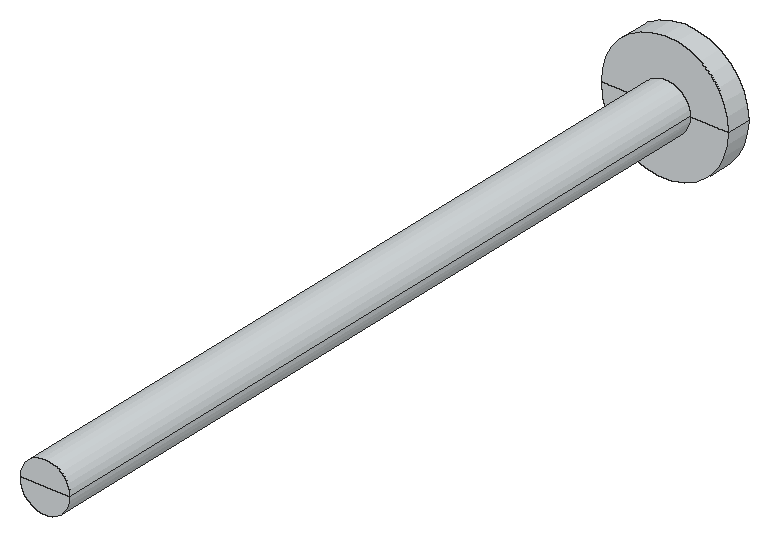
Revit family "Reece_Accessory_Sussex_Scala_Towel Bar", category Plumbing Fixtures, Revit 2018
Family settings
  Round Connector Dimension = Use Diameter
  Part Type = Normal
  Work Plane-Based = Yes
  Always vertical = Yes
  Cut with Voids When Loaded = Yes
  Shared = Yes
  Room Calculation Point = Yes
Parameters (values of type "Brushed Nickel")
  URL = "https://www.reece.com.au/product/-2263260"
  Type Comments = "Accessory"
  Reece_Product_Web Page = "https://www.reece.com.au/product/-2263260"
  Reece_Product_Type = "Accessory"  # constant formula
  Reece_Product_Sub Brand = "Scala"  # constant formula
  Reece_Product_Number = "2263260"
  Reece_Product_Mount = "Wall Mounted"
  Reece_Product_Description = "Sussex Scala Towel Bar 400mm Brushed Nickel"
  Reece_Product_Brand = "Sussex"  # constant formula
  Reece_Overall_Width = 64 mm  # constant formula
  Reece_Overall_Projection = 400 mm  # constant formula
  Reece_Material_Main = Reece_Brass_Brushed Nickel
  Reece_Height_From_Level [instance] = 800 mm
  Reece_Detail_Disclaimer = "THIS FILE IS THE PROPERTY OF THE REECE GROUP. IT MAY NOT BE REPRODUCED, REVERSE-ENGINEERED OR MODIFIED. ANY REPUBLICATION, TRANSMISSION OR DISTRIBUTION FOR THE PURPOSE OF COMMERCIALLY EXPLOITING THE FILES IS PROHIBITED."  # constant formula
  Reece_Detail_Additional = "Towel Bar"  # constant formula
  Model = "Scala"
  Manufacturer = "Sussex"
  Keynote = "Product #2263260, Reece_Accessory_Sussex_Scala_Towel Bar - Brushed Nickel"
  Disclaimer = "THIS FILE IS THE PROPERTY OF THE REECE GROUP. IT MAY NOT BE REPRODUCED, REVERSE-ENGINEERED OR MODIFIED. ANY REPUBLICATION, TRANSMISSION OR DISTRIBUTION FOR THE PURPOSE OF COMMERCIALLY EXPLOITING THE FILES IS PROHIBITED."  # constant formula
  Description = "Scala Towel Bar 400mm Brushed Nickel"
  Default Elevation = 0 mm
Types (5, lengths in mm): name | URL | Reece_Product_Web Page | Reece_Product_Number | Reece_Product_Description | Reece_Material_Main | Keynote | Description
  Brushed Nickel | "https://www.reece.com.au/product/-2263260" | "https://www.reece.com.au/product/-2263260" | "2263260" | "Sussex Scala Towel Bar 400mm Brushed Nickel" | Reece_Brass_Brushed Nickel | "Product #2263260, Reece_Accessory_Sussex_Scala_Towel Bar - Brushed Nickel" | "Scala Towel Bar 400mm Brushed Nickel"
  Brushed Brass Gold | "https://www.reece.com.au/product/-2264202" | "https://www.reece.com.au/product/-2264202" | "2264202" | "Sussex Scala Towel Bar 400mm Brushed Brass Gold" | Reece_Brass_Brushed Gold | "Product #2264202, Reece_Accessory_Sussex_Scala_Towel Bar - Brushed Brass Gold" | "Scala Towel Bar 400mm Brushed Brass Gold"
  Chrome | "https://www.reece.com.au/product/-2261488" | "https://www.reece.com.au/product/-2261488" | "2261488" | "Sussex Scala Towel Bar 400mm Chrome" | Reece_Brass_Chrome | "Product #2261488, Reece_Accessory_Sussex_Scala_Towel Bar - Chrome" | "Scala Towel Bar 400mm Chrome"
  PVD Brushed Platinum Gold | "https://www.reece.com.au/product/-2268342" | "https://www.reece.com.au/product/-2268342" | "2268342" | "Sussex Scala Towel Bar 400mm LUX PVD Brushed Platinum Gold" | Reece_PVD_Brushed_Platinum Gold | "Product #2268342, Reece_Accessory_Sussex_Scala_Towel Bar - PVD Brushed Platinum Gold" | "Scala Towel Bar 400mm LUX PVD Brushed Platinum Gold"
  Satin Chrome | "https://www.reece.com.au/product/-2261484" | "https://www.reece.com.au/product/-2261484" | "2261484" | "Sussex Scala Towel Bar 400mm Satin Chrome" | Reece_Brass_Satin Chrome | "Product #2261484, Reece_Accessory_Sussex_Scala_Towel Bar - Satin Chrome" | "Scala Towel Bar 400mm Satin Chrome"
Reference planes
  plane 1 "Center (Front/Back)": y = 0
  plane 2 "Bottom Host Plane": z = -5
  plane 3 "Center (Left/Right)": x = 0
  plane 4 "fixing point": z = 795
  plane 5: y = -400
  plane 6: x = 32
  plane 7: x = -32
  plane 8: z = 807.5
  plane 9: z = 782.5
Forms (mm)
  Revolve 1, solid, material "Reece_Brass_Brushed Nickel" <- "Reece_Material_Main"
    sketch origin (0, 0, 795) x (0, 1, 0) y (-1, 0, 0)
      loop
        line (0, 0) -> (0, 32) -> (-12, 32) -> (-12, 12.5) -> (-400, 12.5) -> (-400, 0) -> (0, 0)
      axis (0, 0) -> (-400, 0)
    angle from 0 to 360
Lines and regions (mm)
  model lines, style "InvisibleLines"
    curve 1: line (0, 0, -5) -> (0, 0, 795)
Text (mm)
  text "Reece ©" at (2421.378, -2240.638, 3354.797), in view "Reece Preview"
  text "Reece Copyright © 2018, Reece Ltd." at (208.114, -279.799, 0), in view "Ref. Level"
Dimensions and locks
  locked: plane 2 "Bottom Host Plane" to level at 5
  "Reece_Overall_Projection": plane 1 "Center (Front/Back)" to plane 5
  "Reece_Height_From_Level": plane 4 "fixing point" to plane 2 "Bottom Host Plane"
  "Reece_Overall_Width": plane 7 to plane 6
  plane 8 to plane 9 = 25 mm
  locked: plane 8 to plane 4 "fixing point" at 12.5
  aligned and locked: plane 1 "Center (Front/Back)" to curve 1
  aligned and locked: plane 4 "fixing point" to curve 1
Automatic sketch dimensions
  curve 1 to plane 3 "Center (Left/Right)" = 0 mm
  curve 1 to plane 2 "Bottom Host Plane" = 0 mm
  Revolve 1 sketch curve to plane 5 = 0 mm
  Revolve 1 sketch curve to plane 3 "Center (Left/Right)" = 0 mm  (x2)
  plane 1 "Center (Front/Back)" to Revolve 1 sketch curve = 0 mm  (x2)
  Revolve 1 sketch curve to plane 3 "Center (Left/Right)" = 12.5 mm
  Revolve 1 sketch curve to Revolve 1 sketch curve = 19.5 mm
  plane 1 "Center (Front/Back)" to Revolve 1 sketch curve = 12 mm
  Revolve 1 sketch curve to Revolve 1 sketch curve = 15.833 mm
  curve 1 to plane 4 "fixing point" = 0 mm
